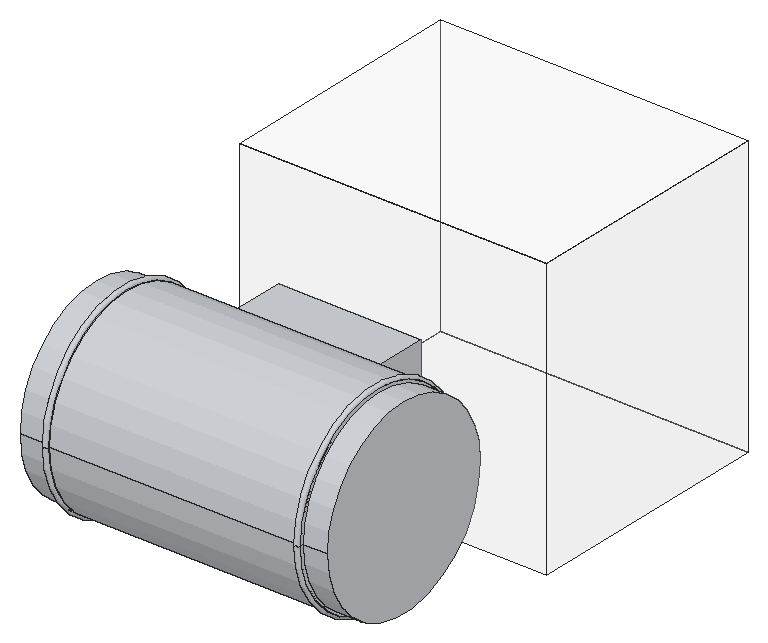
Revit family "SA_VAV", category ダクト付属品, Revit 2020
Family settings
  丸型コネクタ寸法 = 直径を使用
  パーツ タイプ = 割り込み
  OmniClass 番号 = 23.75.00.00
  OmniClass タイトル = Climate Control (HVAC)
  作業面ベース = いいえ
  常に垂直 = はい
  ロード時にボイドで切り取り = いいえ
  共有 = いいえ
Parameters (values of type "MW型")
  風量 [instance] = 0.0 L/s
  静圧 [instance] = 0.0 Pa
  Description = ""
  記号 [instance] = ""
  系統 = ""
  符号 = "可変風量ユニット"
  種別 = ""
  機器メーカー名 = "協立エアテック"
  既定の高さ = 0 mm
  接続部 [instance] = ダクト径 - 10 mm  # 340 mm
  形式 = "MW型"
  対象室 [instance] = ""
  呼称 = "VAV"
  メンテナンススペース [instance] = yes
  メンテ_W [instance] = ダクト径 * 2  # 700 mm
  メンテ_H [instance] = ダクト径  # 350 mm
  メンテ_D [instance] = ダクト径  # 350 mm
  ダクト径 [instance] = 350 mm
  VAV長さ [instance] = if(ダクト径 > 200 mm, 550 mm, 450 mm)  # 550 mm
  ダクト半径 [instance] = ダクト径 / 2  # 175 mm
  Type Comments = ""
  MIN風量 = 0.0 L/s
  MIN静圧 = 0.0 Pa
  MAX風量 = 0.0 L/s
  MAX静圧 = 0.0 Pa
  2D [instance] = yes
Reference planes
  plane 1 "中心(正面/背面)": y = 0
  plane 2: z = 0
  plane 3 "中心(左/右)": x = 0
  plane 4 "長_左": x = -275
  plane 5 "長-右": x = 275
  plane 6 "紐-右": x = 230
  plane 7: y = 175
  plane 8: y = 175
  plane 9: y = 175
  plane 10 "制御-あ": y = 175
  plane 11 "制御-い": y = 320
  plane 12 "制御-端": x = -205
  plane 13 "紐-左": x = -230
  plane 14: y = -106.315
Forms (mm)
  Revolve 1, solid
    sketch origin (0, 0, 0) x (1, 0, 0) y (0, 1, 0)
      loop
        line (-230, 175) -> (-230, 0) -> (230, 0) -> (230, 175) -> (-230, 175)
      axis (-230, 0) -> (230, 0)
    angle from 0 to 360
  Extrusion 2, solid
    sketch origin (-36.5, 45, 0) x (1, 0, 0) y (0, 1, 0)
      loop
        line (-168.5, 275) -> (-168.5, 130) -> (86.5, 130) -> (86.5, 275) -> (-168.5, 275)
    from -50 to 50
  Revolve 3, solid
    sketch origin (-340, 0, 0) x (1, 0, 0) y (0, 1, 0)
      loop
        arc (120, 175) -> (115, 180) -> (110, 175) r 5
        line (110, 175) -> (110, 0) -> (120, 0) -> (120, 175)
      axis (120, 0) -> (110, 0)
    angle from 0 to 360
  Revolve 4, solid
    sketch origin (-340, 0, 0) x (1, 0, 0) y (0, 1, 0)
      loop
        arc (570, 175) -> (565, 180) -> (560, 175) r 5
        line (560, 175) -> (560, 0) -> (570, 0) -> (570, 175)
      axis (570, 0) -> (560, 0)
    angle from 0 to 360
  Extrusion 5, solid
    sketch origin (0, 0, 0) x (0, 1, 0) y (0, 0, 1)
      loop
        circle (0, 0) r 170
    from 230 to 275
  Extrusion 6, solid
    sketch origin (0, 0, 0) x (0, 1, 0) y (0, 0, 1)
      loop
        circle (0, 0) r 170
    from -275 to -230
Lines and regions (mm)
  model lines, style "メンテナンススペース", visible <- "メンテナンススペース"
    curve 1: line (-275, 770, 0) -> (275, 320, 0)
    curve 2: line (275, 770, 0) -> (-275, 320, 0)
Dimensions and locks
  "ダクト半径": plane 1 "中心(正面/背面)" to plane 7
  "ダクト半径": plane 8 to plane 1 "中心(正面/背面)"
  "ダクト半径": plane 1 "中心(正面/背面)" to plane 9
  "ダクト半径": plane 1 "中心(正面/背面)" to plane 10 "制御-あ"
  locked: plane 11 "制御-い" to plane 10 "制御-あ" at 145
  locked: Extrusion 2 to Extrusion 2 at 255
  locked: Revolve 4 sketch curve to Revolve 4 sketch curve at 10
  locked: plane 6 "紐-右" to plane 5 "長-右" at 45
  locked: Revolve 3 sketch curve to Revolve 3 sketch curve at 10
  locked: plane 4 "長_左" to plane 12 "制御-端" at 70
  locked: plane 4 "長_左" to plane 13 "紐-左" at 45
  "ダクト径": plane 10 "制御-あ" to nested 2
  equal spacing: plane 10 "制御-あ", plane 1 "中心(正面/背面)", nested 2
  equal spacing: plane 13 "紐-左", plane 3 "中心(左/右)", plane 6 "紐-右"
  "VAV長さ": plane 4 "長_左" to plane 5 "長-右"
  "接続部": diameter of Extrusion 5 sketch curve
  "接続部": diameter of Extrusion 6 sketch curve
  aligned and locked: level to plane 2
  aligned and locked: Revolve 1 sketch curve to plane 7
  aligned and locked: Extrusion 2 to plane 10 "制御-あ"
  aligned and locked: plane 11 "制御-い" to Extrusion 2
  aligned and locked: Extrusion 2 to plane 12 "制御-端"
  aligned and locked: plane 6 "紐-右" to Revolve 4 sketch curve
  aligned and locked: plane 3 "中心(左/右)" to nested 1
  aligned and locked: nested 1 to plane 11 "制御-い"
  aligned and locked: nested 1 to curve 2
  aligned and locked: curve 2 to nested 1
  aligned and locked: nested 1 to curve 1  (x2)
  aligned and locked: plane 13 "紐-左" to Revolve 3 sketch curve
  aligned and locked: nested 2 to plane 13 "紐-左"
  aligned and locked: plane 6 "紐-右" to nested 2
  aligned and locked: nested 2 to plane 10 "制御-あ"
  aligned and locked: Revolve 1 to plane 6 "紐-右"
  aligned and locked: Extrusion 5 to plane 5 "長-右"
  aligned and locked: Extrusion 5 to plane 6 "紐-右"
  aligned and locked: plane 4 "長_左" to Extrusion 6
  aligned and locked: Extrusion 6 to plane 13 "紐-左"
Automatic sketch dimensions
  Extrusion 2 sketch curve to plane 3 "中心(左/右)" = 205 mm
  plane 3 "中心(左/右)" to Extrusion 2 sketch curve = 50 mm
  plane 10 "制御-あ" to Extrusion 2 sketch curve = 145 mm
  curve 1 to plane 5 "長-右" = 0 mm
  curve 2 to plane 11 "制御-い" = 0 mm
  plane 11 "制御-い" to curve 2 = 450 mm
  curve 1 to curve 2 = 0 mm
  Extrusion 2 sketch curve to plane 10 "制御-あ" = 0 mm
  Extrusion 5 sketch curve to level = 0 mm
  Extrusion 5 sketch curve to plane 1 "中心(正面/背面)" = 0 mm
  Revolve 1 sketch curve to plane 13 "紐-左" = 0 mm
  plane 1 "中心(正面/背面)" to Revolve 1 sketch curve = 0 mm  (x2)
  Revolve 1 sketch curve to plane 6 "紐-右" = 0 mm
  Revolve 1 sketch curve to plane 5 "長-右" = 0 mm
  Revolve 1 sketch curve to plane 3 "中心(左/右)" = 50 mm
  plane 1 "中心(正面/背面)" to Revolve 3 sketch curve = 0 mm  (x2)
  Revolve 3 sketch curve to plane 9 = 0 mm
  Revolve 3 sketch curve to Revolve 3 sketch curve = 1.321 mm
  plane 3 "中心(左/右)" to Revolve 3 sketch curve = 33.679 mm
  plane 1 "中心(正面/背面)" to Revolve 4 sketch curve = 0 mm  (x2)
  Revolve 4 sketch curve to plane 8 = 0 mm
  Revolve 4 sketch curve to plane 3 "中心(左/右)" = 26.321 mm
  Revolve 4 sketch curve to Revolve 4 sketch curve = 3.679 mm
  Extrusion 6 sketch curve to level = 0 mm
  Extrusion 6 sketch curve to plane 1 "中心(正面/背面)" = 0 mm
Nested families
  nested 1: "メンテナンススペース" at (0, 545, 0), visible <- "メンテナンススペース", type "サービススペース"
    with Width 550 mm, Depth 450 mm
  nested 2: "塗り潰し" at (0, 0, 0), type "塗り潰し"
    with W 460 mm, D 350 mm
  nested 3: "文字ファミリ_一般注釈" at (543.431, 313.007, 0), visible <- "2D", type "文字ファミリ_一般注釈"
Connectors
  hvac at (230, 0, 0), driven by "ダクト径", driven by "風量"
    settings: index 1, duct flow 0.0 L/s, flow factor 0, pres drop 0.0 Pa, loss coef 0, conn angle 0.00°, conn width 304.8 mm, conn height 304.8 mm, conn diameter 350 mm, duct sys type 29, conn prof type 0, flow config 0, flow direction 1, loss method 0, conn ref index 2, conn util no, is conn primary yes, conn desc ""
  hvac at (-230, 0, 0), driven by "ダクト径", driven by "風量"
    settings: index 2, duct flow 0.0 L/s, flow factor 0, pres drop 0.0 Pa, loss coef 0, conn angle 0.00°, conn width 304.8 mm, conn height 304.8 mm, conn diameter 350 mm, duct sys type 29, conn prof type 0, flow config 0, flow direction 2, loss method 0, conn ref index 1, conn util no, is conn primary no, conn desc ""
Definition of nested family "メンテナンススペース"
  Parameters (values of type "サービススペース")
    Default Elevation = 0 mm
    Width = 500 mm
    Height = 500 mm
    Depth = 500 mm
  Reference planes
    plane 1 "中心(正面/背面)": y = 0
    plane 2: z = 0
    plane 3 "中心(左/右)": x = 0
    plane 4: y = -250
    plane 5: x = 250
    plane 6: y = 250
    plane 7: x = -250
    plane 8: z = 250
    plane 9: z = -250
  Forms (mm)
    Extrusion 1, solid
      sketch origin (-638.939, 0, 72.39) x (1, 0, 0) y (0, 1, 0)
        loop
          line (388.939, 250) -> (388.939, -250) -> (888.939, -250) -> (888.939, 250) -> (388.939, 250)
      from -322.39 to 177.61
  Lines and regions (mm)
    symbolic lines
      curve 1: line (-250, 0, 250) -> (250, 0, 250)
      curve 2: line (-250, 0, -250) -> (-250, 0, 250)
      curve 3: line (250, 0, -250) -> (-250, 0, -250)
      curve 4: line (250, 0, 250) -> (250, 0, -250)
      curve 5: line (0, -250, 250) -> (0, 250, 250)
      curve 6: line (0, -250, -250) -> (0, -250, 250)
      curve 7: line (0, 250, -250) -> (0, -250, -250)
      curve 8: line (0, 250, 250) -> (0, 250, -250)
      curve 9: line (-250, 250, 0) -> (250, 250, 0)
      curve 10: line (-250, -250, 0) -> (-250, 250, 0)
      curve 11: line (250, -250, 0) -> (-250, -250, 0)
      curve 12: line (250, 250, 0) -> (250, -250, 0)
  Dimensions and locks
    equal spacing: plane 7, plane 3 "中心(左/右)", plane 5
    equal spacing: plane 4, plane 1 "中心(正面/背面)", plane 6
    "Depth": plane 4 to plane 6
    "Width": plane 7 to plane 5
    equal spacing: plane 8, plane 2, plane 9
    "Height": plane 8 to plane 9
    aligned and locked: plane 9 to curve 3
    aligned and locked: plane 7 to curve 2
    aligned and locked: curve 4 to plane 5
    aligned and locked: plane 5 to Extrusion 1
    aligned and locked: Extrusion 1 to plane 7
    aligned and locked: Extrusion 1 to plane 9
    aligned and locked: plane 8 to Extrusion 1
    aligned and locked: plane 9 to curve 7
  Automatic sketch dimensions
    plane 4 to Extrusion 1 sketch curve = 0 mm
    Extrusion 1 sketch curve to plane 7 = 0 mm
    Extrusion 1 sketch curve to plane 5 = 0 mm
    plane 6 to Extrusion 1 sketch curve = 0 mm
    curve 2 to plane 8 = 0 mm
    plane 4 to curve 11 = 0 mm
    curve 11 to plane 7 = 0 mm
    curve 11 to plane 5 = 0 mm
    plane 6 to curve 10 = 0 mm
    curve 7 to plane 4 = 0 mm
    curve 7 to plane 6 = 0 mm
    curve 6 to plane 8 = 0 mm
Definition of nested family "塗り潰し"
  Parameters (values of type "塗り潰し")
    W [instance] = 200 mm
    D [instance] = 200 mm
  Reference planes
    plane 1 "中心(正面/背面)": y = 0
    plane 2: z = 0
    plane 3 "中心(左/右)": x = 0
    plane 4: x = -100
    plane 5: x = 100
    plane 6: y = 100
    plane 7: y = -100
  Lines and regions (mm)
    Filled region 1, type "塗り潰し", in view "参照レベル"
      outline origin (0, 0, 0) x (1, 0, 0) y (0, 1, 0)
        loop
          line (100, -100) -> (100, 100) -> (-100, 0) -> (100, -100)
  Dimensions and locks
    equal spacing: plane 7, plane 1 "中心(正面/背面)", plane 6
    "D": plane 7 to plane 6
    equal spacing: plane 4, plane 3 "中心(左/右)", plane 5
    "W": plane 4 to plane 5
  Automatic sketch dimensions
    Filled region 1 sketch curve to plane 5 = 0 mm
    plane 7 to Filled region 1 sketch curve = 0 mm
    plane 1 "中心(正面/背面)" to Filled region 1 sketch curve = 0 mm
    plane 6 to Filled region 1 sketch curve = 0 mm
    Filled region 1 sketch curve to plane 4 = 0 mm
Definition of nested family "文字ファミリ_一般注釈"
  Parameters (values of type "文字ファミリ_一般注釈")
    文字 = ""
  Reference planes
    plane 1: y = 0
    plane 2: x = 0
  Text (mm)
    label "文字" at (-2.342, -0.04, 0), shows "文字"
